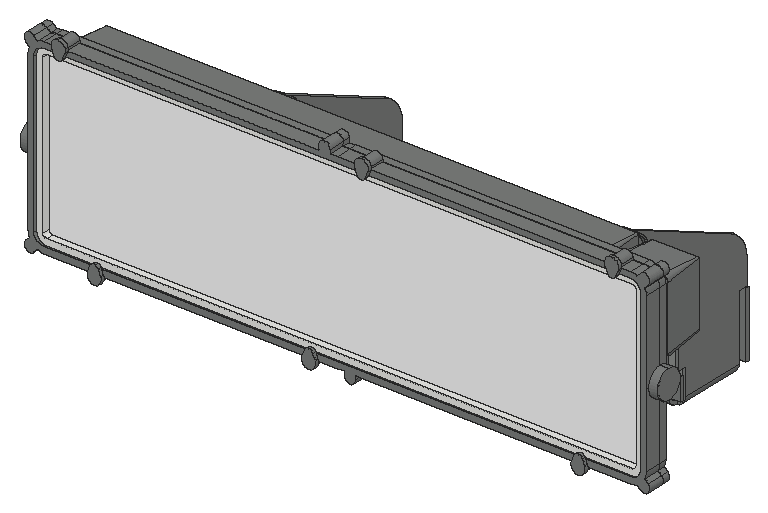
Revit family "Zumtobel ALTIS GEN5 1 Module", category Lighting Fixtures, host Face, Revit 2023 (continued)
Definition of nested family "Thorn-Parts-ALTIS GEN 5-Housing 1 Module-Brick-Tilt"
  Definition of nested family "Thorn-Parts-ALTIS GEN 5-Housing 1 Module-Brick"
    Forms (mm)
      Extrusion 62, solid, visible <- "Visibility RGBW Module"
        sketch origin (0, -2.15, 0) x (1, 0, 0) y (0, 1, 0)
          loop
            line (-314.5, 90) -> (-314.5, -77)
            arc (-314.5, -77) -> (-313.328, -79.828) -> (-310.5, -81) r 4
            line (-310.5, -81) -> (257.5, -81)
            arc (257.5, -81) -> (260.328, -79.828) -> (261.5, -77) r 4
            line (261.5, -77) -> (261.5, 90)
            arc (261.5, 90) -> (260.328, 92.828) -> (257.5, 94) r 4
            line (257.5, 94) -> (-310.5, 94)
            arc (-310.5, 94) -> (-313.328, 92.828) -> (-314.5, 90) r 4
        from 0 to 6
    Cuts and joins
      joined: Extrusion 2, Blend 4, Extrusion 19, Extrusion 20, Extrusion 21, Extrusion 22
      joined: Extrusion 7, Extrusion 8
      joined: Extrusion 23, Extrusion 24
      joined: Extrusion 27, Extrusion 30
      joined: Extrusion 25, Extrusion 26
      joined: Extrusion 28, Extrusion 29
    Dimensions and locks
      locked: plane 4 to plane 5 at 675
      equal spacing: plane 4, plane 3 "Center (Left/Right)", plane 5
      equal spacing: plane 7, plane 3 "Center (Left/Right)", plane 6
      "D": plane 6 to plane 7
      locked: plane 10 to plane 8 at 144.6
      locked: plane 10 to level at 20
      plane 10 to plane 9 = 138.2 mm
      locked: plane 1 "Center (Front/Back)" to plane 11 at 86.6
      Extrusion 45 sketch curve to plane 1 "Center (Front/Back)" = 73.5 mm
      plane 1 "Center (Front/Back)" to Extrusion 45 sketch curve = 72 mm
      aligned and locked: level to plane 2
    Automatic sketch dimensions
      Extrusion 1 sketch curve to Extrusion 1 sketch curve = 0 mm  (x22)
      plane 1 "Center (Front/Back)" to Extrusion 1 sketch curve = 0 mm  (x2)
      Extrusion 1 sketch curve to plane 3 "Center (Left/Right)" = 0 mm  (x2)
      Extrusion 1 sketch curve to plane 3 "Center (Left/Right)" = 7.5 mm
      Extrusion 1 sketch curve to Extrusion 1 sketch curve = 6 mm  (x2)
      Extrusion 1 sketch curve to plane 4 = 27 mm  (x2)
      plane 11 to Extrusion 1 sketch curve = 3.55 mm
      Extrusion 1 sketch curve to Extrusion 1 sketch curve = 7.005 mm  (x4)
      plane 11 to Extrusion 1 sketch curve = 8.04 mm  (x2)
      Extrusion 1 sketch curve to Extrusion 1 sketch curve = 3.602 mm  (x14)
      Extrusion 1 sketch curve to plane 11 = 7.45 mm  (x2)
      Extrusion 1 sketch curve to Extrusion 1 sketch curve = 4.243 mm  (x6)
      Extrusion 1 sketch curve to plane 11 = 0.445 mm  (x2)
      Extrusion 1 sketch curve to Extrusion 1 sketch curve = 0.641 mm  (x2)
      Extrusion 1 sketch curve to Extrusion 1 sketch curve = 1.51 mm  (x2)
      plane 11 to Extrusion 1 sketch curve = 3.157 mm  (x2)
      plane 3 "Center (Left/Right)" to Extrusion 1 sketch curve = 7.5 mm
      Extrusion 1 sketch curve to plane 5 = 27 mm
      Extrusion 1 sketch curve to Extrusion 1 sketch curve = 11 mm
      Extrusion 1 sketch curve to Extrusion 1 sketch curve = 4 mm  (x2)
      Extrusion 2 sketch curve to Extrusion 2 sketch curve = 0 mm  (x10)
      plane 1 "Center (Front/Back)" to Extrusion 2 sketch curve = 0 mm  (x2)
      Extrusion 2 sketch curve to plane 3 "Center (Left/Right)" = 0 mm  (x2)
      Extrusion 2 sketch curve to plane 3 "Center (Left/Right)" = 7.5 mm
      Extrusion 2 sketch curve to Extrusion 2 sketch curve = 6 mm  (x2)
      Extrusion 2 sketch curve to plane 11 = 7.45 mm  (x2)
      Extrusion 2 sketch curve to plane 4 = 27 mm  (x2)
      plane 11 to Extrusion 2 sketch curve = 8.04 mm  (x2)
      Extrusion 2 sketch curve to Extrusion 2 sketch curve = 7.005 mm  (x4)
      Extrusion 2 sketch curve to Extrusion 2 sketch curve = 3.602 mm  (x14)
      Extrusion 2 sketch curve to Extrusion 2 sketch curve = 4.243 mm  (x6)
      Extrusion 2 sketch curve to plane 11 = 0.445 mm  (x2)
      Extrusion 2 sketch curve to Extrusion 2 sketch curve = 0.641 mm  (x3)
      Extrusion 2 sketch curve to Extrusion 2 sketch curve = 1.51 mm
      plane 11 to Extrusion 2 sketch curve = 3.157 mm  (x2)
      plane 3 "Center (Left/Right)" to Extrusion 2 sketch curve = 7.5 mm
      Extrusion 2 sketch curve to plane 5 = 27 mm  (x2)
      Extrusion 2 sketch curve to Extrusion 2 sketch curve = 4 mm  (x2)
      Blend 4 sketch curve to plane 11 = 12.45 mm  (x2)
      Blend 4 sketch curve to plane 4 = 21 mm
      Blend 4 sketch curve to Blend 4 sketch curve = 6 mm  (x3)
      plane 7 to Blend 4 sketch curve = 68.5 mm  (x4)
      Blend 4 sketch curve to plane 4 = 26 mm
      Blend 4 sketch curve to Blend 4 sketch curve = 1 mm  (x3)
      Blend 5 sketch curve to plane 5 = 76 mm
      Blend 5 sketch curve to Blend 5 sketch curve = 6 mm  (x3)
      Blend 5 sketch curve to plane 5 = 22 mm  (x4)
      Blend 5 sketch curve to plane 5 = 71 mm
      Blend 5 sketch curve to Blend 5 sketch curve = 1 mm  (x3)
      Extrusion 6 sketch curve to plane 5 = 76 mm
      Extrusion 6 sketch curve to Extrusion 6 sketch curve = 6 mm  (x3)
      Extrusion 6 sketch curve to plane 5 = 22 mm  (x2)
      Extrusion 7 sketch curve to plane 4 = 37.495 mm
      Extrusion 7 sketch curve to Extrusion 7 sketch curve = 2.359 mm  (x2)
      Extrusion 7 sketch curve to Extrusion 7 sketch curve = 4.646 mm  (x2)
      Extrusion 7 sketch curve to Extrusion 7 sketch curve = 0 mm
      Extrusion 7 sketch curve to Extrusion 7 sketch curve = 1.847 mm
      Extrusion 7 sketch curve to Extrusion 7 sketch curve = 6.168 mm
      Extrusion 7 sketch curve to Extrusion 7 sketch curve = 7 mm
      Extrusion 8 sketch curve to plane 4 = 38.5 mm
      Extrusion 8 sketch curve to Extrusion 8 sketch curve = 6 mm
      Extrusion 8 sketch curve to Extrusion 8 sketch curve = 1.5 mm
      Extrusion 8 sketch curve to Extrusion 8 sketch curve = 0 mm
      Extrusion 9 sketch curve to plane 5 = 37.495 mm
      Extrusion 9 sketch curve to Extrusion 9 sketch curve = 2.359 mm  (x2)
      Extrusion 9 sketch curve to Extrusion 9 sketch curve = 4.646 mm  (x2)
      Extrusion 9 sketch curve to Extrusion 9 sketch curve = 0 mm
      Extrusion 9 sketch curve to Extrusion 9 sketch curve = 2.679 mm
      Extrusion 9 sketch curve to Extrusion 9 sketch curve = 7 mm
      Extrusion 9 sketch curve to Extrusion 9 sketch curve = 1.847 mm
      Extrusion 10 sketch curve to plane 5 = 38.5 mm
      Extrusion 10 sketch curve to Extrusion 10 sketch curve = 6 mm
      Extrusion 10 sketch curve to Extrusion 10 sketch curve = 1.5 mm
      Extrusion 10 sketch curve to Extrusion 10 sketch curve = 0 mm
      plane 11 to Extrusion 11 sketch curve = 8.371 mm  (x2)
      Extrusion 11 sketch curve to plane 4 = 75.495 mm
      plane 11 to Extrusion 11 sketch curve = 2.203 mm  (x2)
      Extrusion 11 sketch curve to Extrusion 11 sketch curve = 2.359 mm
      Extrusion 11 sketch curve to Extrusion 11 sketch curve = 4.646 mm
      Extrusion 11 sketch curve to Extrusion 11 sketch curve = 0 mm
      Extrusion 11 sketch curve to Extrusion 11 sketch curve = 2.679 mm
      plane 11 to Extrusion 11 sketch curve = 4.05 mm
      plane 11 to Extrusion 12 sketch curve = 9.55 mm
      Extrusion 12 sketch curve to plane 4 = 76.5 mm
      Extrusion 12 sketch curve to Extrusion 12 sketch curve = 6 mm
      Extrusion 12 sketch curve to Extrusion 12 sketch curve = 1.5 mm
      Extrusion 12 sketch curve to Extrusion 12 sketch curve = 0 mm
      plane 11 to Extrusion 13 sketch curve = 8.371 mm  (x2)
      Extrusion 13 sketch curve to plane 5 = 72.995 mm
      plane 11 to Extrusion 13 sketch curve = 2.203 mm  (x2)
      Extrusion 13 sketch curve to Extrusion 13 sketch curve = 2.359 mm
      Extrusion 13 sketch curve to Extrusion 13 sketch curve = 4.646 mm
      Extrusion 13 sketch curve to Extrusion 13 sketch curve = 0 mm
      plane 11 to Extrusion 13 sketch curve = 4.05 mm
      Extrusion 13 sketch curve to Extrusion 13 sketch curve = 7 mm
      plane 11 to Extrusion 14 sketch curve = 9.55 mm
      Extrusion 14 sketch curve to plane 5 = 74 mm
      Extrusion 14 sketch curve to Extrusion 14 sketch curve = 6 mm
      Extrusion 14 sketch curve to Extrusion 14 sketch curve = 1.5 mm
      Extrusion 14 sketch curve to Extrusion 14 sketch curve = 0 mm
      plane 11 to Extrusion 15 sketch curve = 8.371 mm  (x2)
      Extrusion 15 sketch curve to plane 3 "Center (Left/Right)" = 35.005 mm
      plane 11 to Extrusion 15 sketch curve = 2.203 mm  (x2)
      Extrusion 15 sketch curve to Extrusion 15 sketch curve = 2.359 mm
      Extrusion 15 sketch curve to Extrusion 15 sketch curve = 4.646 mm
      Extrusion 15 sketch curve to Extrusion 15 sketch curve = 0 mm
      Extrusion 15 sketch curve to Extrusion 15 sketch curve = 2.679 mm
      plane 11 to Extrusion 15 sketch curve = 4.05 mm
      plane 11 to Extrusion 16 sketch curve = 9.55 mm
      Extrusion 16 sketch curve to plane 3 "Center (Left/Right)" = 34 mm
      Extrusion 16 sketch curve to Extrusion 16 sketch curve = 6 mm
      Extrusion 16 sketch curve to Extrusion 16 sketch curve = 1.5 mm
      Extrusion 16 sketch curve to Extrusion 16 sketch curve = 0 mm
      plane 3 "Center (Left/Right)" to Extrusion 17 sketch curve = 35.005 mm
      Extrusion 17 sketch curve to Extrusion 17 sketch curve = 2.359 mm  (x2)
      Extrusion 17 sketch curve to Extrusion 17 sketch curve = 4.646 mm  (x2)
      Extrusion 17 sketch curve to Extrusion 17 sketch curve = 0 mm
      Extrusion 17 sketch curve to Extrusion 17 sketch curve = 2.679 mm
      Extrusion 17 sketch curve to Extrusion 17 sketch curve = 7 mm
      Extrusion 17 sketch curve to Extrusion 17 sketch curve = 1.847 mm
      plane 3 "Center (Left/Right)" to Extrusion 18 sketch curve = 34 mm
      Extrusion 18 sketch curve to Extrusion 18 sketch curve = 6 mm
      Extrusion 18 sketch curve to Extrusion 18 sketch curve = 1.5 mm
      Extrusion 18 sketch curve to Extrusion 18 sketch curve = 0 mm
      Extrusion 19 sketch curve to level = 0 mm
      Extrusion 19 sketch curve to plane 1 "Center (Front/Back)" = 0 mm
      Extrusion 20 sketch curve to level = 0 mm
      Extrusion 20 sketch curve to plane 1 "Center (Front/Back)" = 0 mm
      Extrusion 21 sketch curve to level = 0 mm
      Extrusion 21 sketch curve to plane 1 "Center (Front/Back)" = 0 mm
      Extrusion 21 sketch curve to level = 8 mm
      Extrusion 22 sketch curve to level = 0 mm
      Extrusion 22 sketch curve to plane 1 "Center (Front/Back)" = 0 mm
      Extrusion 22 sketch curve to level = 8 mm
      Extrusion 23 sketch curve to plane 1 "Center (Front/Back)" = 0 mm
      Extrusion 23 sketch curve to plane 8 = 0 mm
      Extrusion 24 sketch curve to Extrusion 24 sketch curve = 0 mm  (x2)
      Extrusion 24 sketch curve to plane 1 "Center (Front/Back)" = 0 mm
      Extrusion 24 sketch curve to plane 8 = 0 mm
      Extrusion 25 sketch curve to Extrusion 25 sketch curve = 0 mm
      Extrusion 25 sketch curve to plane 12 = 0 mm
      Extrusion 25 sketch curve to plane 8 = 0 mm
      Extrusion 25 sketch curve to plane 1 "Center (Front/Back)" = 0 mm
      Extrusion 27 sketch curve to plane 6 = 1 mm
      plane 1 "Center (Front/Back)" to Extrusion 27 sketch curve = 0 mm
      plane 6 to Extrusion 27 sketch curve = 15 mm
      Extrusion 27 sketch curve to Extrusion 27 sketch curve = 2.686 mm  (x2)
      Extrusion 27 sketch curve to plane 4 = 44.314 mm  (x2)
      Extrusion 27 sketch curve to Extrusion 27 sketch curve = 0.314 mm  (x4)
      Extrusion 27 sketch curve to Extrusion 27 sketch curve = 3 mm  (x3)
      Extrusion 27 sketch curve to Extrusion 27 sketch curve = 15 mm  (x2)
      Extrusion 27 sketch curve to plane 4 = 26 mm
      Extrusion 27 sketch curve to Extrusion 27 sketch curve = 18.808 mm  (x2)
      Extrusion 28 sketch curve to plane 1 "Center (Front/Back)" = 0 mm
      Extrusion 28 sketch curve to plane 8 = 0 mm
      Extrusion 29 sketch curve to Extrusion 29 sketch curve = 0 mm  (x2)
      Extrusion 29 sketch curve to plane 1 "Center (Front/Back)" = 0 mm
      Extrusion 29 sketch curve to plane 8 = 0 mm
      Extrusion 30 sketch curve to Extrusion 30 sketch curve = 0 mm
      Extrusion 30 sketch curve to plane 12 = 0 mm
      Extrusion 30 sketch curve to plane 8 = 0 mm
      Extrusion 30 sketch curve to plane 1 "Center (Front/Back)" = 0 mm
      Extrusion 31 sketch curve to plane 1 "Center (Front/Back)" = 0 mm
      Extrusion 31 sketch curve to plane 8 = 0 mm
      Extrusion 32 sketch curve to plane 1 "Center (Front/Back)" = 0 mm
      Extrusion 32 sketch curve to plane 8 = 0 mm
      Extrusion 33 sketch curve to plane 1 "Center (Front/Back)" = 0 mm
      Extrusion 33 sketch curve to plane 8 = 0 mm
      Extrusion 34 sketch curve to plane 1 "Center (Front/Back)" = 0 mm
      Extrusion 34 sketch curve to plane 8 = 0 mm
      Extrusion 35 sketch curve to Extrusion 35 sketch curve = 0 mm  (x8)
      Extrusion 35 sketch curve to plane 8 = 0 mm  (x2)
      Extrusion 35 sketch curve to plane 1 "Center (Front/Back)" = 0 mm
      plane 8 to Extrusion 35 sketch curve = 3 mm
      plane 1 "Center (Front/Back)" to Extrusion 35 sketch curve = 0.77 mm  (x2)
      plane 9 to Extrusion 35 sketch curve = 2.065 mm
      Extrusion 35 sketch curve to Extrusion 35 sketch curve = 3.15 mm  (x2)
      plane 9 to Extrusion 35 sketch curve = 6.797 mm
      Extrusion 35 sketch curve to Extrusion 35 sketch curve = 5.599 mm  (x2)
      Extrusion 35 sketch curve to plane 8 = 3 mm
      Extrusion 35 sketch curve to plane 1 "Center (Front/Back)" = 3.015 mm
      Extrusion 35 sketch curve to plane 8 = 13.197 mm
      Extrusion 35 sketch curve to Extrusion 35 sketch curve = 5.652 mm
      Extrusion 36 sketch curve to plane 9 = 0 mm
      Extrusion 36 sketch curve to plane 11 = 0 mm
      Extrusion 37 sketch curve to Extrusion 37 sketch curve = 0 mm  (x2)
      Extrusion 37 sketch curve to plane 11 = 0 mm
      Extrusion 37 sketch curve to plane 9 = 0 mm
      Extrusion 38 sketch curve to plane 9 = 0 mm
      Extrusion 38 sketch curve to plane 11 = 0 mm
      Extrusion 39 sketch curve to Extrusion 39 sketch curve = 0 mm  (x2)
      Extrusion 39 sketch curve to plane 11 = 0 mm
      Extrusion 39 sketch curve to plane 9 = 0 mm
      Extrusion 40 sketch curve to plane 9 = 0 mm
      Extrusion 40 sketch curve to plane 11 = 0 mm
      Extrusion 41 sketch curve to plane 9 = 0 mm
      Extrusion 41 sketch curve to plane 11 = 0 mm
      Extrusion 42 sketch curve to plane 9 = 0 mm
      Extrusion 42 sketch curve to plane 11 = 0 mm
      Extrusion 43 sketch curve to plane 9 = 0 mm
      Extrusion 43 sketch curve to plane 11 = 0 mm
      Extrusion 44 sketch curve to Extrusion 44 sketch curve = 0 mm  (x14)
      Extrusion 44 sketch curve to plane 9 = 0 mm  (x2)
      Extrusion 44 sketch curve to plane 11 = 0 mm
      plane 9 to Extrusion 44 sketch curve = 3 mm
      plane 11 to Extrusion 44 sketch curve = 0.77 mm  (x2)
      plane 9 to Extrusion 44 sketch curve = 8.465 mm
      Extrusion 44 sketch curve to plane 11 = 3.015 mm
      Extrusion 44 sketch curve to Extrusion 44 sketch curve = 3.15 mm  (x2)
      plane 9 to Extrusion 44 sketch curve = 13.197 mm
      Extrusion 44 sketch curve to Extrusion 44 sketch curve = 5.599 mm  (x2)
      Extrusion 44 sketch curve to plane 9 = 3 mm
      Extrusion 44 sketch curve to plane 8 = 6.797 mm
      Extrusion 44 sketch curve to Extrusion 44 sketch curve = 7.143 mm
      Extrusion 44 sketch curve to Extrusion 44 sketch curve = 18.23 mm
      Extrusion 44 sketch curve to Extrusion 44 sketch curve = 5.652 mm
      Extrusion 45 sketch curve to plane 12 = 0 mm  (x2)
      Extrusion 45 sketch curve to plane 11 = 0 mm
      Extrusion 45 sketch curve to plane 9 = 0 mm
      plane 9 to Extrusion 45 sketch curve = 0.397 mm
      plane 9 to Extrusion 45 sketch curve = 0.225 mm
      Extrusion 45 sketch curve to plane 8 = 4.6 mm
      Extrusion 45 sketch curve to plane 8 = 16.586 mm
      Extrusion 45 sketch curve to Extrusion 45 sketch curve = 12.014 mm
      Extrusion 45 sketch curve to Extrusion 45 sketch curve = 28 mm
      Extrusion 45 sketch curve to Extrusion 45 sketch curve = 11.397 mm
      Extrusion 45 sketch curve to Extrusion 45 sketch curve = 11.225 mm
      plane 1 "Center (Front/Back)" to Extrusion 46 sketch curve = 0 mm  (x2)
      Extrusion 46 sketch curve to plane 7 = 1 mm  (x2)
      Extrusion 46 sketch curve to plane 6 = 1 mm  (x2)
      Extrusion 46 sketch curve to Extrusion 46 sketch curve = 16 mm  (x2)
      plane 7 to Extrusion 46 sketch curve = 25 mm
      Extrusion 46 sketch curve to Extrusion 46 sketch curve = 4.243 mm  (x12)
      Extrusion 46 sketch curve to Extrusion 46 sketch curve = 11.015 mm  (x2)
      Extrusion 46 sketch curve to Extrusion 46 sketch curve = 7.509 mm  (x2)
      Extrusion 46 sketch curve to Extrusion 46 sketch curve = 16.077 mm  (x2)
      Extrusion 46 sketch curve to Extrusion 46 sketch curve = 5.657 mm  (x6)
      plane 6 to Extrusion 46 sketch curve = 15 mm  (x2)
      plane 6 to Extrusion 46 sketch curve = 25 mm
      Extrusion 46 sketch curve to Extrusion 46 sketch curve = 18.523 mm  (x2)
      Extrusion 46 sketch curve to plane 4 = 55.243 mm
      Extrusion 46 sketch curve to Extrusion 46 sketch curve = 0 mm  (x2)
      Extrusion 46 sketch curve to plane 4 = 31.657 mm  (x2)
      Extrusion 46 sketch curve to Extrusion 46 sketch curve = 22.943 mm
      Extrusion 46 sketch curve to plane 11 = 14.6 mm  (x2)
      Extrusion 47 sketch curve to plane 12 = 0 mm  (x2)
      Extrusion 47 sketch curve to plane 11 = 0 mm
      Extrusion 47 sketch curve to plane 9 = 0 mm
      plane 9 to Extrusion 47 sketch curve = 0.397 mm
      plane 9 to Extrusion 47 sketch curve = 0.225 mm
      Extrusion 47 sketch curve to plane 8 = 4.6 mm
      Extrusion 47 sketch curve to plane 8 = 16.586 mm
      Extrusion 47 sketch curve to plane 11 = 10.6 mm
      Extrusion 47 sketch curve to Extrusion 47 sketch curve = 28 mm
      Extrusion 47 sketch curve to Extrusion 47 sketch curve = 11.225 mm
      Extrusion 47 sketch curve to Extrusion 47 sketch curve = 11.397 mm
      Extrusion 47 sketch curve to Extrusion 47 sketch curve = 27.383 mm
      Extrusion 47 sketch curve to Extrusion 47 sketch curve = 12.014 mm
      Extrusion 48 sketch curve to plane 7 = 49.5 mm
      Extrusion 48 sketch curve to plane 6 = 49.5 mm
      Extrusion 49 sketch curve to plane 7 = 42.5 mm
      Extrusion 49 sketch curve to Extrusion 49 sketch curve = 7 mm  (x2)
      Extrusion 49 sketch curve to plane 6 = 49.5 mm
      Extrusion 50 sketch curve to plane 14 = 0 mm  (x2)
      Extrusion 50 sketch curve to plane 1 "Center (Front/Back)" = 6.912 mm
      Extrusion 50 sketch curve to plane 14 = 15.588 mm
      Extrusion 50 sketch curve to plane 12 = 5.5 mm
      plane 13 to Extrusion 50 sketch curve = 9 mm  (x2)
      plane 9 to Extrusion 50 sketch curve = 10.7 mm
      Extrusion 51 sketch curve to plane 15 = 0 mm  (x2)
      Extrusion 51 sketch curve to plane 16 = 0 mm
      plane 16 to Extrusion 51 sketch curve = 0.25 mm  (x2)
      plane 16 to Extrusion 51 sketch curve = 2.25 mm  (x2)
      Extrusion 51 sketch curve to Extrusion 51 sketch curve = 4.5 mm
      Extrusion 51 sketch curve to Extrusion 51 sketch curve = 2 mm  (x2)
      plane 15 to Extrusion 51 sketch curve = 3.897 mm
      Extrusion 51 sketch curve to Extrusion 51 sketch curve = 1.654 mm
      plane 1 "Center (Front/Back)" to Extrusion 52 sketch curve = 2.01 mm
      Extrusion 52 sketch curve to plane 12 = 9.8 mm
      plane 9 to Extrusion 52 sketch curve = 12.4 mm
      Extrusion 53 sketch curve to Extrusion 53 sketch curve = 0 mm  (x3)
      Extrusion 54 sketch curve to Extrusion 54 sketch curve = 0 mm  (x8)
      Extrusion 54 sketch curve to Extrusion 54 sketch curve = 2 mm
      Extrusion 55 sketch curve to plane 1 "Center (Front/Back)" = 4.041 mm
      Extrusion 56 sketch curve to Extrusion 56 sketch curve = 0 mm  (x3)
      Extrusion 56 sketch curve to Extrusion 56 sketch curve = 1 mm
      Extrusion 56 sketch curve to Extrusion 56 sketch curve = 0.289 mm
      Extrusion 57 sketch curve to Extrusion 57 sketch curve = 0 mm  (x3)
      plane 9 to Extrusion 58 sketch curve = 6.2 mm  (x6)
      plane 9 to Extrusion 58 sketch curve = 0.2 mm  (x12)
      Extrusion 58 sketch curve to Extrusion 58 sketch curve = 0.21 mm  (x2)
      Extrusion 58 sketch curve to Extrusion 58 sketch curve = 1.582 mm  (x12)
      Extrusion 58 sketch curve to Extrusion 58 sketch curve = 2.001 mm  (x12)
      Extrusion 58 sketch curve to Extrusion 58 sketch curve = 2.999 mm  (x10)
      Extrusion 58 sketch curve to Extrusion 58 sketch curve = 3.418 mm  (x10)
      Extrusion 58 sketch curve to Extrusion 58 sketch curve = 6 mm
      Extrusion 58 sketch curve to Extrusion 58 sketch curve = 0 mm  (x5)
      Extrusion 46 sketch curve to plane 7 = 42.5 mm
      Extrusion 46 sketch curve to plane 6 = 42.5 mm  (x2)
      Extrusion 46 sketch curve to plane 1 "Center (Front/Back)" = 30.557 mm  (x2)
      plane 3 "Center (Left/Right)" to Extrusion 46 sketch curve = 139.5 mm
      Extrusion 46 sketch curve to Extrusion 46 sketch curve = 23.5 mm
      plane 1 "Center (Front/Back)" to Extrusion 6 sketch curve = 15.15 mm
      plane 1 "Center (Front/Back)" to Extrusion 27 sketch curve = 13.765 mm
      plane 1 "Center (Front/Back)" to Extrusion 27 sketch curve = 23.592 mm
      Extrusion 27 sketch curve to Extrusion 27 sketch curve = 18.251 mm  (x2)
      Extrusion 35 sketch curve to Extrusion 35 sketch curve = 18.23 mm
      plane 1 "Center (Front/Back)" to Extrusion 45 sketch curve = 32.775 mm
      plane 1 "Center (Front/Back)" to Extrusion 46 sketch curve = 19.814 mm  (x3)
      plane 1 "Center (Front/Back)" to Extrusion 46 sketch curve = 29.057 mm
      Extrusion 46 sketch curve to Extrusion 46 sketch curve = 9.243 mm
      Extrusion 46 sketch curve to Extrusion 46 sketch curve = 23.586 mm  (x2)
      Extrusion 46 sketch curve to Extrusion 46 sketch curve = 20.943 mm
      Extrusion 48 sketch curve to plane 11 = 36.6 mm
      Extrusion 49 sketch curve to plane 11 = 36.6 mm  (x2)
      Extrusion 52 sketch curve to Extrusion 52 sketch curve = 12.99 mm  (x3)
      plane 1 "Center (Front/Back)" to Extrusion 53 sketch curve = 15 mm
      plane 1 "Center (Front/Back)" to Extrusion 54 sketch curve = 15 mm
      Extrusion 54 sketch curve to Extrusion 54 sketch curve = 10 mm
      plane 1 "Center (Front/Back)" to Extrusion 58 sketch curve = 18.3 mm
      Extrusion 1 sketch curve to plane 1 "Center (Front/Back)" = 87.85 mm
      Extrusion 2 sketch curve to plane 1 "Center (Front/Back)" = 87.85 mm  (x2)
      Blend 4 sketch curve to plane 1 "Center (Front/Back)" = 82.85 mm  (x2)
      Blend 5 sketch curve to plane 1 "Center (Front/Back)" = 8.85 mm
      Blend 5 sketch curve to Blend 5 sketch curve = 68 mm  (x2)
      Blend 5 sketch curve to plane 1 "Center (Front/Back)" = 13.85 mm
      Extrusion 6 sketch curve to plane 1 "Center (Front/Back)" = 82.85 mm
      Extrusion 7 sketch curve to plane 1 "Center (Front/Back)" = 97.503 mm
      Extrusion 8 sketch curve to plane 1 "Center (Front/Back)" = 104.85 mm
      Extrusion 9 sketch curve to plane 1 "Center (Front/Back)" = 106.35 mm
      Extrusion 10 sketch curve to plane 1 "Center (Front/Back)" = 106.35 mm
      Extrusion 17 sketch curve to plane 1 "Center (Front/Back)" = 106.35 mm
      Extrusion 18 sketch curve to plane 1 "Center (Front/Back)" = 106.35 mm
      Extrusion 21 sketch curve to plane 1 "Center (Front/Back)" = 12.689 mm
      Extrusion 22 sketch curve to plane 1 "Center (Front/Back)" = 12.689 mm
      plane 1 "Center (Front/Back)" to Extrusion 25 sketch curve = 35 mm
      Extrusion 27 sketch curve to plane 1 "Center (Front/Back)" = 13.765 mm
      Extrusion 27 sketch curve to plane 1 "Center (Front/Back)" = 23.592 mm
      Extrusion 30 sketch curve to plane 1 "Center (Front/Back)" = 35 mm
      Extrusion 35 sketch curve to Extrusion 35 sketch curve = 7.143 mm
      Extrusion 46 sketch curve to plane 1 "Center (Front/Back)" = 44.9 mm  (x2)
      Extrusion 46 sketch curve to Extrusion 46 sketch curve = 19.443 mm
      Extrusion 46 sketch curve to plane 1 "Center (Front/Back)" = 25.557 mm  (x2)
      Extrusion 47 sketch curve to plane 1 "Center (Front/Back)" = 34.103 mm
      Extrusion 48 sketch curve to plane 1 "Center (Front/Back)" = 50 mm
      Extrusion 49 sketch curve to plane 1 "Center (Front/Back)" = 50 mm  (x2)
      Extrusion 51 sketch curve to Extrusion 51 sketch curve = 4 mm
      Extrusion 51 sketch curve to Extrusion 51 sketch curve = 4.95 mm
      Extrusion 55 sketch curve to plane 1 "Center (Front/Back)" = 9.521 mm  (x2)
      Extrusion 55 sketch curve to Extrusion 55 sketch curve = 10.959 mm  (x2)
      Extrusion 55 sketch curve to Extrusion 55 sketch curve = 5.479 mm
      Extrusion 56 sketch curve to plane 1 "Center (Front/Back)" = 15 mm
      Extrusion 56 sketch curve to Extrusion 56 sketch curve = 5 mm
      Extrusion 57 sketch curve to plane 1 "Center (Front/Back)" = 15 mm
      Extrusion 57 sketch curve to Extrusion 57 sketch curve = 6 mm
      Extrusion 58 sketch curve to plane 1 "Center (Front/Back)" = 18.3 mm
      plane 12 to Extrusion 24 sketch curve = 25.6 mm
      Extrusion 29 sketch curve to plane 12 = 25.6 mm
      plane 12 to Extrusion 37 sketch curve = 19.2 mm
      Extrusion 39 sketch curve to plane 12 = 19.2 mm
      Extrusion 45 sketch curve to Extrusion 45 sketch curve = 13.2 mm
      Extrusion 45 sketch curve to Extrusion 45 sketch curve = 4 mm
      Extrusion 47 sketch curve to Extrusion 47 sketch curve = 13.2 mm
      Extrusion 47 sketch curve to Extrusion 47 sketch curve = 4 mm
      Extrusion 50 sketch curve to plane 13 = 9 mm  (x2)
      plane 15 to Extrusion 51 sketch curve = 3.464 mm
      Extrusion 51 sketch curve to plane 15 = 3.897 mm
      Extrusion 52 sketch curve to Extrusion 52 sketch curve = 7.5 mm  (x3)
      Extrusion 52 sketch curve to Extrusion 52 sketch curve = 15 mm
      Extrusion 53 sketch curve to plane 12 = 24.8 mm
      Extrusion 54 sketch curve to plane 12 = 24.8 mm
      Extrusion 55 sketch curve to plane 12 = 15.31 mm
      Extrusion 55 sketch curve to Extrusion 55 sketch curve = 9.49 mm  (x3)
      Extrusion 56 sketch curve to plane 12 = 21.194 mm
      Extrusion 56 sketch curve to Extrusion 56 sketch curve = 3.317 mm
      Extrusion 57 sketch curve to plane 12 = 21.194 mm
      Extrusion 57 sketch curve to Extrusion 57 sketch curve = 3.606 mm
      plane 1 "Center (Front/Back)" to Extrusion 26 sketch curve = 0 mm
      Extrusion 26 sketch curve to plane 7 = 1 mm
      plane 7 to Extrusion 26 sketch curve = 15 mm
      Extrusion 26 sketch curve to Extrusion 26 sketch curve = 2.686 mm  (x2)
      Extrusion 26 sketch curve to Extrusion 26 sketch curve = 3 mm  (x2)
      Extrusion 26 sketch curve to Extrusion 26 sketch curve = 0.314 mm  (x3)
      plane 1 "Center (Front/Back)" to Extrusion 26 sketch curve = 20.27 mm
      Extrusion 26 sketch curve to Extrusion 26 sketch curve = 33.5 mm  (x2)
      Extrusion 26 sketch curve to Extrusion 26 sketch curve = 13.895 mm  (x2)
      Extrusion 26 sketch curve to Extrusion 26 sketch curve = 0.418 mm  (x2)
      Extrusion 26 sketch curve to Extrusion 26 sketch curve = 4 mm
      Extrusion 26 sketch curve to Extrusion 26 sketch curve = 17.698 mm  (x2)
      plane 1 "Center (Front/Back)" to Extrusion 26 sketch curve = 35 mm
      plane 1 "Center (Front/Back)" to Extrusion 26 sketch curve = 16.749 mm
      Extrusion 26 sketch curve to plane 1 "Center (Front/Back)" = 13.765 mm
      Extrusion 26 sketch curve to plane 1 "Center (Front/Back)" = 17.286 mm
      Extrusion 26 sketch curve to Extrusion 26 sketch curve = 18.251 mm
      Extrusion 59 sketch curve to plane 11 = 7.45 mm
      Extrusion 59 sketch curve to plane 4 = 16 mm
      Extrusion 59 sketch curve to Extrusion 59 sketch curve = 11 mm  (x3)
      Extrusion 59 sketch curve to plane 5 = 27 mm  (x2)
      Extrusion 59 sketch curve to plane 1 "Center (Front/Back)" = 87.85 mm
      Extrusion 60 sketch curve to Extrusion 60 sketch curve = 0 mm  (x7)
      Extrusion 60 sketch curve to plane 4 = 16 mm
      Extrusion 60 sketch curve to Extrusion 60 sketch curve = 7 mm
      Extrusion 60 sketch curve to Extrusion 60 sketch curve = 4 mm  (x3)
      Extrusion 60 sketch curve to plane 5 = 27 mm  (x2)
      plane 11 to Extrusion 60 sketch curve = 3.55 mm
      Extrusion 60 sketch curve to plane 1 "Center (Front/Back)" = 87.85 mm
      Extrusion 3 sketch curve to plane 4 = 27 mm
      Extrusion 3 sketch curve to plane 1 "Center (Front/Back)" = 87.85 mm
      Extrusion 3 sketch curve to Extrusion 3 sketch curve = 4 mm  (x4)
      Extrusion 3 sketch curve to plane 11 = 7.45 mm
      Extrusion 3 sketch curve to plane 5 = 27 mm
      Extrusion 61 sketch curve to Extrusion 61 sketch curve = 0 mm  (x4)
      Extrusion 61 sketch curve to plane 4 = 16 mm
      Extrusion 61 sketch curve to Extrusion 61 sketch curve = 7 mm
      Extrusion 61 sketch curve to Extrusion 61 sketch curve = 4 mm  (x3)
      plane 7 to Extrusion 61 sketch curve = 75.5 mm  (x2)
      Extrusion 61 sketch curve to plane 11 = 7.45 mm
      Extrusion 61 sketch curve to plane 5 = 27 mm  (x2)
      Extrusion 61 sketch curve to Extrusion 61 sketch curve = 11 mm
      Extrusion 61 sketch curve to plane 1 "Center (Front/Back)" = 87.85 mm
      Extrusion 62 sketch curve to plane 11 = 7.45 mm
      Extrusion 62 sketch curve to plane 4 = 23 mm
      Extrusion 62 sketch curve to Extrusion 62 sketch curve = 4 mm  (x3)
      Extrusion 62 sketch curve to plane 5 = 80 mm  (x2)
      Extrusion 62 sketch curve to plane 1 "Center (Front/Back)" = 87.85 mm
      radius of Extrusion 19 sketch curve = 15 mm
      radius of Extrusion 20 sketch curve = 15 mm
      radius of Extrusion 23 sketch curve = 35 mm
      radius of Extrusion 24 sketch curve = 35 mm
      radius of Extrusion 28 sketch curve = 35 mm
      radius of Extrusion 29 sketch curve = 35 mm
      radius of Extrusion 31 sketch curve = 19 mm
      radius of Extrusion 32 sketch curve = 8.5 mm
      radius of Extrusion 33 sketch curve = 19 mm
      radius of Extrusion 34 sketch curve = 8.5 mm
      radius of Extrusion 36 sketch curve = 35 mm
      radius of Extrusion 37 sketch curve = 35 mm
      radius of Extrusion 38 sketch curve = 35 mm
      radius of Extrusion 39 sketch curve = 35 mm
      radius of Extrusion 40 sketch curve = 19 mm
      radius of Extrusion 41 sketch curve = 8.5 mm
      radius of Extrusion 42 sketch curve = 19 mm
      radius of Extrusion 43 sketch curve = 8.5 mm
      radius of Extrusion 53 sketch curve = 10 mm
      radius of Extrusion 53 sketch curve = 8 mm
      radius of Extrusion 57 sketch curve = 8 mm
Definition of nested family "Thorn ALTIS GEN5 Accessories"
  Parameters (values of type "ALTIS G4G5 GB BRACKET 2B LB STIRRUP ANT")
    URL = "https://www.thornlighting.co.uk/en-gb/96671491"
    Type Image = element 88809
    Type IFC Predefined Type = "NOTDEFINED"
    Product ID Suffix [instance] = "01"
    Product ID [instance] = ""
    Power Supply Support = yes
    Model = "96671491"
    Material Accessories = none
    Manufacturer = "Thorn Lighting"  # constant formula
    Export Type to IFC As = "IfcLightFixtureType"
    Description = "Control gear accessories"
    Default Elevation = 0 mm  # constant formula
    Brackets = no
    Assembly Code = "Pr_60_70_28_12"
  Types (3, lengths in mm): name | URL | Type Image | Power Supply Support | Model | Brackets
    (no name) | "https://www.thornlighting.co.uk/en-gb/96671491" | element 88809 | yes | "96671491" | no
    ALTIS G4G5 GB BRACKET 3BRICK STIRRUP ANT | "https://www.thornlighting.co.uk/en-gb/96671490" | element 88807 | no | "96671490" | yes
    ALTIS G4G5 GB BRACKET 2B LB STIRRUP ANT | "https://www.thornlighting.co.uk/en-gb/96671491" | element 88809 | yes | "96671491" | no
  Reference planes
    plane 1 "Center (Front/Back)": y = 0
    plane 2: z = 0
    plane 3 "Center (Left/Right)": x = 0
    plane 4: x = 250
    plane 5: x = -250
  Forms (mm)
    Extrusion 1, solid, material <- "Material Accessories", visible <- "Power Supply Support"
      sketch origin (0, 0, 0) x (1, 0, 0) y (0, 0, 1)
        loop
          line (0, 0) -> (218, 0)
          arc (218, 0) -> (222.95, 2.05) -> (225, 7) r 7
          line (225, 7) -> (225, 50)
          arc (225, 50) -> (226.172, 52.828) -> (229, 54) r 4
          line (229, 54) -> (256, 54) -> (256, 57) -> (229, 57)
          arc (229, 57) -> (224.05, 54.95) -> (222, 50) r 7
          line (222, 50) -> (222, 7)
          arc (222, 7) -> (220.828, 4.172) -> (218, 3) r 4
          line (218, 3) -> (0, 3) -> (-218, 3)
          arc (-218, 3) -> (-220.828, 4.172) -> (-222, 7) r 4
          line (-222, 7) -> (-222, 50)
          arc (-222, 50) -> (-224.05, 54.95) -> (-229, 57) r 7
          line (-229, 57) -> (-256, 57) -> (-256, 54) -> (-229, 54)
          arc (-229, 54) -> (-226.172, 52.828) -> (-225, 50) r 4
          line (-225, 50) -> (-225, 7)
          arc (-225, 7) -> (-222.95, 2.05) -> (-218, 0) r 7
          line (-218, 0) -> (0, 0)
      from 0 to -150
    Extrusion 2, solid, material <- "Material Accessories", visible <- "Power Supply Support"
      sketch origin (0, 0, 0) x (1, 0, 0) y (0, 1, 0)
        loop
          line (0, 228) -> (-76, 228) -> (-82, 224.536) -> (-121.533, 156.062) -> (-132.033, 150) -> (0, 150) -> (132.033, 150) -> (121.533, 156.062) -> (82, 224.536) -> (76, 228) -> (0, 228)
      from 0 to 3
    Extrusion 3, solid, material <- "Material Accessories", visible <- "Brackets"
      sketch origin (0, 115, 0) x (0, 1, 0) y (-1, 0, 0)
        loop
          line (71, 250) -> (-151, 250)
          arc (-151, 250) -> (-153.828, 248.828) -> (-155, 246) r 4
          line (-155, 246) -> (-155, 234)
          arc (-155, 234) -> (-153.828, 231.172) -> (-151, 230) r 4
          line (-151, 230) -> (71, 230)
          arc (71, 230) -> (73.828, 231.172) -> (75, 234) r 4
          line (75, 234) -> (75, 246)
          arc (75, 246) -> (73.828, 248.828) -> (71, 250) r 4
        loop
          arc (71, -250) -> (73.828, -248.828) -> (75, -246) r 4
          line (75, -246) -> (75, -234)
          arc (75, -234) -> (73.828, -231.172) -> (71, -230) r 4
          line (71, -230) -> (-151, -230)
          arc (-151, -230) -> (-153.828, -231.172) -> (-155, -234) r 4
          line (-155, -234) -> (-155, -246)
          arc (-155, -246) -> (-153.828, -248.828) -> (-151, -250) r 4
          line (-151, -250) -> (71, -250)
      from 0 to 10
  Cuts and joins
    joined: Extrusion 1, Extrusion 2
  Dimensions and locks
    equal spacing: plane 5, plane 3 "Center (Left/Right)", plane 4
    plane 5 to plane 4 = 500 mm
    aligned and locked: level to plane 2
  Automatic sketch dimensions
    Extrusion 1 sketch curve to Extrusion 1 sketch curve = 0 mm  (x8)
    Extrusion 1 sketch curve to level = 0 mm
    Extrusion 1 sketch curve to plane 3 "Center (Left/Right)" = 0 mm  (x2)
    level to Extrusion 1 sketch curve = 7 mm  (x2)
    Extrusion 1 sketch curve to plane 5 = 32 mm
    Extrusion 1 sketch curve to Extrusion 1 sketch curve = 3 mm
    Extrusion 1 sketch curve to Extrusion 1 sketch curve = 4 mm  (x2)
    plane 5 to Extrusion 1 sketch curve = 6 mm
    Extrusion 1 sketch curve to plane 4 = 32 mm
    plane 4 to Extrusion 1 sketch curve = 6 mm
    Extrusion 1 sketch curve to Extrusion 1 sketch curve = 43 mm  (x2)
    Extrusion 2 sketch curve to plane 3 "Center (Left/Right)" = 0 mm  (x2)
    Extrusion 2 sketch curve to plane 3 "Center (Left/Right)" = 76 mm
    Extrusion 2 sketch curve to Extrusion 2 sketch curve = 6 mm  (x2)
    Extrusion 2 sketch curve to Extrusion 2 sketch curve = 39.533 mm  (x2)
    Extrusion 2 sketch curve to Extrusion 2 sketch curve = 10.5 mm  (x2)
    plane 3 "Center (Left/Right)" to Extrusion 2 sketch curve = 76 mm
    Extrusion 2 sketch curve to plane 1 "Center (Front/Back)" = 150 mm
    Extrusion 2 sketch curve to Extrusion 2 sketch curve = 6.062 mm  (x2)
    Extrusion 2 sketch curve to Extrusion 2 sketch curve = 68.474 mm  (x2)
    Extrusion 2 sketch curve to Extrusion 2 sketch curve = 78 mm
    Extrusion 3 sketch curve to plane 5 = 0 mm
    Extrusion 3 sketch curve to plane 4 = 0 mm
    Extrusion 3 sketch curve to plane 4 = 4 mm  (x2)
    plane 1 "Center (Front/Back)" to Extrusion 3 sketch curve = 40 mm  (x2)
    Extrusion 3 sketch curve to plane 5 = 16 mm  (x2)
    Extrusion 3 sketch curve to Extrusion 3 sketch curve = 4 mm  (x4)
    Extrusion 3 sketch curve to plane 1 "Center (Front/Back)" = 186 mm  (x2)
    Extrusion 3 sketch curve to Extrusion 3 sketch curve = 0 mm
    Extrusion 3 sketch curve to Extrusion 3 sketch curve = 12 mm
Definition of nested family "Thorn ALTIS GEN5 Junction Box"
  Parameters (values of type "ALG5 JUNCTION BOX GB TO 3X1 MODULE")
    URL = "https://www.thornlighting.com/96683854"
    Type Image = element 87924
    Type IFC Predefined Type = "DIRECTIONSOURCE"
    Product ID Suffix [instance] = "01"
    Product ID [instance] = ""
    Model = "96683854"
    Material Box [instance] = none
    Manufacturer = "Thorn Lighting"  # constant formula
    Luminaire Width = 220 mm  # constant formula
    Luminaire Length = 220 mm  # constant formula
    Luminaire Height = 160 mm  # constant formula
    Lamp = "LED"  # constant formula
    Export Type to IFC As = "IfcLightFixtureType"
    Description = "Junction Box"  # constant formula
    Default Elevation = 0 mm  # constant formula
    Assembly Code = "Pr_60_70_28_04"
  Types (3, lengths in mm): name | URL | Type Image | Model
    (no name) | "https://www.thornlighting.com/96683854" | element 87924 | "96683854"
    ALG5 JUNCTION BOX GB TO 3X1 MODULE | "https://www.thornlighting.com/96683854" | element 87924 | "96683854"
    ALG5 JUNCTION BOX WHITE GB TO 2X1MODULE | "https://www.thornlighting.com/96684170" | element 87926 | "96684170"
  Reference planes
    plane 1 "Center (Front/Back)": y = 0
    plane 2: z = 0
    plane 3 "Center (Left/Right)": x = 0
    plane 4: z = 160.172
    plane 5: x = -109.923
    plane 6: x = 109.923
    plane 7: y = 83.12
    plane 8: y = -62.5
  Forms (mm)
    Extrusion 1, solid, not visible
      sketch origin (0, 0, 0) x (1, 0, 0) y (0, 1, 0)
        loop
          line (-1219.2, 1219.2) -> (-1219.2, -1219.2) -> (1219.2, -1219.2) -> (1219.2, 1219.2) -> (-1219.2, 1219.2)
      from 0 to -304.8
    Extrusion 2, solid, material <- "Material Box"
      sketch origin (-237.586, 40.5, -16) x (1, 0, 0) y (0, 0, -1)
        loop
          line (340.508, -41.328) -> (134.663, -41.328)
          arc (134.663, -41.328) -> (129.714, -43.379) -> (127.663, -48.328) r 7
          line (127.663, -48.328) -> (127.663, -169.172)
          arc (127.663, -169.172) -> (129.714, -174.121) -> (134.663, -176.172) r 7
          line (134.663, -176.172) -> (340.508, -176.172)
          arc (340.508, -176.172) -> (345.458, -174.121) -> (347.508, -169.172) r 7
          line (347.508, -169.172) -> (347.508, -48.328)
          arc (347.508, -48.328) -> (345.458, -43.379) -> (340.508, -41.328) r 7
      from 13.304 to 25.594
    Extrusion 3, solid, material <- "Material Box"
      sketch origin (-237.586, 40.5, -16) x (1, 0, 0) y (0, 0, -1)
        loop
          line (340.508, -166.172) -> (340.508, -51.328)
          arc (340.508, -51.328) -> (339.63, -49.207) -> (337.508, -48.328) r 3
          line (337.508, -48.328) -> (137.663, -48.328)
          arc (137.663, -48.328) -> (135.542, -49.207) -> (134.663, -51.328) r 3
          line (134.663, -51.328) -> (134.663, -166.172)
          arc (134.663, -166.172) -> (135.542, -168.293) -> (137.663, -169.172) r 3
          line (137.663, -169.172) -> (337.508, -169.172)
          arc (337.508, -169.172) -> (339.63, -168.293) -> (340.508, -166.172) r 3
      from 25.594 to 42.62
    Blend 4, solid, material <- "Material Box"
      base sketch origin (-232.712, 40.5, -16) x (1, 0, 0) y (0, 0, -1)
        loop
          line (337.635, -163.172) -> (337.635, -54.328)
          arc (337.635, -54.328) -> (335.292, -48.672) -> (329.635, -46.328) r 8
          line (329.635, -46.328) -> (135.79, -46.328)
          arc (135.79, -46.328) -> (130.133, -48.672) -> (127.79, -54.328) r 8
          line (127.79, -54.328) -> (127.79, -163.172)
          arc (127.79, -163.172) -> (130.133, -168.828) -> (135.79, -171.172) r 8
          line (135.79, -171.172) -> (329.635, -171.172)
          arc (329.635, -171.172) -> (335.292, -168.828) -> (337.635, -163.172) r 8
      top sketch origin (-232.712, 40.5, -16) x (1, 0, 0) y (0, 0, -1)
        loop
          arc (329.635, -166.172) -> (331.756, -165.293) -> (332.635, -163.172) r 3
          line (332.635, -163.172) -> (332.635, -54.328)
          arc (332.635, -54.328) -> (331.756, -52.207) -> (329.635, -51.328) r 3
          line (329.635, -51.328) -> (135.79, -51.328)
          arc (135.79, -51.328) -> (133.668, -52.207) -> (132.79, -54.328) r 3
          line (132.79, -54.328) -> (132.79, -163.172)
          arc (132.79, -163.172) -> (133.668, -165.293) -> (135.79, -166.172) r 3
          line (135.79, -166.172) -> (329.635, -166.172)
      from 13.304 to -103
    Extrusion 5, solid, material <- "Material Box"
      sketch origin (-232.712, 40.5, -16) x (1, 0, 0) y (0, 0, -1)
        loop
          line (312.712, -51.328) -> (312.712, -16) -> (232.712, -16) -> (152.712, -16) -> (152.712, -51.328) -> (154.712, -51.328) -> (154.712, -18) -> (232.712, -18) -> (310.712, -18) -> (310.712, -51.328) -> (312.712, -51.328)
      from -77 to -4
    Extrusion 6, solid, material <- "Material Box"
      sketch origin (0, 53.804, 30.328) x (1, 0, 0) y (0, -0.999077, 0.042951)
        loop
          line (80, 17.32) -> (95, 17.32) -> (95, 90.388) -> (80, 90.388) -> (80, 17.32)
        loop
          line (-80, 90.388) -> (-95, 90.388) -> (-95, 17.32) -> (-80, 17.32) -> (-80, 90.388)
      from 0 to 2
  Cuts and joins
    joined: Blend 4, Extrusion 5
  Dimensions and locks
    plane 4 to Extrusion 1 = 160.172 mm
    aligned and locked: plane 2 to Extrusion 1
    aligned and locked: level to Extrusion 1
Definition of nested family "Thorn ALTIS GEN5 Gearbox-Premium-class C5 with NTC"
  Parameters (values of type "ALG5 GB 1368W 0.70A 565V 2CH DA")
    Wattage = 1368 W
    URL = "https://www.thornlighting.com/96671933"
    Type Image = element 89722
    Type IFC Predefined Type = "DIRECTIONSOURCE"
    Power Factor = 1
    Model = "96671933"
    Material Housing = none
    Manufacturer = "Thorn Lighting"  # constant formula
    Luminaire Width = 150 mm  # constant formula
    Luminaire Length = 500 mm  # constant formula
    Luminaire Height = 120 mm  # constant formula
    Lamp = "LED"  # constant formula
    Export Type to IFC As = "IfcLightFixtureType"
    Description = "LED control gear"  # constant formula
    Default Elevation = 0 mm  # constant formula
    Assembly Code = "Pr_60_70_48_54"
    Apparent Load = Wattage / Power Factor  # 1368 VA
  Types (20, lengths in mm): name | Wattage | URL | Model | Apparent Load
    ALG5 GB 1368W 0.70A 565V 2CH DA | 1368 W | "https://www.thornlighting.com/96671933" | "96671933" | 1368 VA
    ALG5 GB 1368W 0.70A 565V 2CH RDMX | 1368 W | "https://www.thornlighting.com/96671943" | "96671943" | 1368 VA
    ALG5 GB 1368W 0.85A 565V 2CH DA | 1368 W | "https://www.thornlighting.com/96671932" | "96671932" | 1368 VA
    ALG5 GB 1368W 0.85A 565V 2CH RDMX | 1368 W | "https://www.thornlighting.com/96671942" | "96671942" | 1368 VA
    ALG5 GB 1368W 1.05A 565V 2CH DA | 1368 W | "https://www.thornlighting.com/96671931" | "96671931" | 1368 VA
    ALG5 GB 1368W 1.05A 565V 2CH RDMX | 1368 W | "https://www.thornlighting.com/96671941" | "96671941" | 1368 VA
    ALG5 GB 1368W 1.25A 565V 2CH DA | 1368 W | "https://www.thornlighting.com/96671930" | "96671930" | 1368 VA
    ALG5 GB 1368W 1.25A 565V 2CH RDMX | 1368 W | "https://www.thornlighting.com/96671940" | "96671940" | 1368 VA
    ALG5 GB 1368W 1.40A 565V 2CH DA | 1368 W | "https://www.thornlighting.com/96671929" | "96671929" | 1368 VA
    ALG5 GB 1368W 1.40A 565V 2CH RDMX | 1368 W | "https://www.thornlighting.com/96671939" | "96671939" | 1368 VA
    ALG5 GB 2052W 0.70A 565V 3CH DA | 2052 W | "https://www.thornlighting.com/96671928" | "96671928" | 2052 VA
    ALG5 GB 2052W 0.70A 565V 3CH RDMX | 2052 W | "https://www.thornlighting.com/96671938" | "96671938" | 2052 VA
    ALG5 GB 2052W 0.85A 565V 3CH DA | 2052 W | "https://www.thornlighting.com/96671927" | "96671927" | 2052 VA
    ALG5 GB 2052W 0.85A 565V 3CH RDMX | 2052 W | "https://www.thornlighting.com/96671937" | "96671937" | 2052 VA
    ALG5 GB 2052W 1.05A 565V 3CH DA | 2052 W | "https://www.thornlighting.com/96671926" | "96671926" | 2052 VA
    ALG5 GB 2052W 1.05A 565V 3CH RDMX | 2052 W | "https://www.thornlighting.com/96671936" | "96671936" | 2052 VA
    ALG5 GB 2052W 1.25A 565V 3CH DA | 2052 W | "https://www.thornlighting.com/96671925" | "96671925" | 2052 VA
    ALG5 GB 2052W 1.25A 565V 3CH RDMX | 2052 W | "https://www.thornlighting.com/96671935" | "96671935" | 2052 VA
    ALG5 GB 2052W 1.40A 565V 3CH DA | 2052 W | "https://www.thornlighting.com/96671924" | "96671924" | 2052 VA
    ALG5 GB 2052W 1.40A 565V 3CH RDMX | 2052 W | "https://www.thornlighting.com/96671934" | "96671934" | 2052 VA
  Reference planes
    plane 1 "Center (Front/Back)": y = 0
    plane 2: z = 0
    plane 3 "Center (Left/Right)": x = 0
    plane 4: x = -75
    plane 5: x = 75
    plane 6: y = 250
    plane 7: y = -250
    plane 8: z = 120
    plane 9: x = -29
  Forms (mm)
    Extrusion 1, solid, not visible
      sketch origin (0, 0, 0) x (1, 0, 0) y (0, 1, 0)
        loop
          line (-1219.2, 1219.2) -> (-1219.2, -1219.2) -> (1219.2, -1219.2) -> (1219.2, 1219.2) -> (-1219.2, 1219.2)
      from 0 to -304.8
    Extrusion 2, solid, material <- "Material Housing"
      sketch origin (0, 0, 0) x (1, 0, 0) y (0, 1, 0)
        loop
          arc (-65, 250) -> (-72.071, 247.071) -> (-75, 240) r 10
          line (-75, 240) -> (-75, -240)
          arc (-75, -240) -> (-72.071, -247.071) -> (-65, -250) r 10
          line (-65, -250) -> (-53.5, -250) -> (-53.5, -225) -> (53.5, -225) -> (53.5, -250) -> (65, -250)
          arc (65, -250) -> (72.071, -247.071) -> (75, -240) r 10
          line (75, -240) -> (75, 240)
          arc (75, 240) -> (72.071, 247.071) -> (65, 250) r 10
          line (65, 250) -> (53.5, 250) -> (53.5, 225) -> (-53.5, 225) -> (-53.5, 250) -> (-65, 250)
      from 0 to 5
    Extrusion 3, solid, material <- "Material Housing"
      sketch origin (0, 0, 0) x (1, 0, 0) y (0, 1, 0)
        loop
          line (-58.5, 250) -> (-58.5, 237)
          arc (-58.5, 237) -> (-60.55, 232.05) -> (-65.5, 230) r 7
          line (-65.5, 230) -> (-75, 230) -> (-75, -231.5) -> (-65.5, -231.5)
          arc (-65.5, -231.5) -> (-60.55, -233.55) -> (-58.5, -238.5) r 7
          line (-58.5, -238.5) -> (-58.5, -250) -> (58.5, -250) -> (58.5, -238.5)
          arc (58.5, -238.5) -> (60.55, -233.55) -> (65.5, -231.5) r 7
          line (65.5, -231.5) -> (75, -231.5) -> (75, 230) -> (65.5, 230)
          arc (65.5, 230) -> (60.55, 232.05) -> (58.5, 237) r 7
          line (58.5, 237) -> (58.5, 250) -> (-58.5, 250)
      from 5 to 18
    Blend 4, solid, material <- "Material Housing"
      base sketch origin (0, 0, 0) x (1, 0, 0) y (0, 1, 0)
        loop
          line (0, -247) -> (50, -247)
          arc (50, -247) -> (54.243, -245.243) -> (56, -241) r 6
          line (56, -241) -> (56, -235.119)
          arc (56, -235.119) -> (56.565, -232.81) -> (58.132, -231.023) r 5
          line (58.132, -231.023) -> (63.721, -227.11)
          arc (63.721, -227.11) -> (64.661, -226.037) -> (65, -224.652) r 3
          line (65, -224.652) -> (65, -221.062)
          arc (65, -221.062) -> (65.339, -219.677) -> (66.279, -218.605) r 3
          line (66.279, -218.605) -> (69.868, -216.092)
          arc (69.868, -216.092) -> (71.435, -214.305) -> (72, -211.996) r 5
          line (72, -211.996) -> (72, 211.996)
          arc (72, 211.996) -> (71.435, 214.305) -> (69.868, 216.092) r 5
          line (69.868, 216.092) -> (66.279, 218.605)
          arc (66.279, 218.605) -> (65.339, 219.677) -> (65, 221.062) r 3
          line (65, 221.062) -> (65, 224.652)
          arc (65, 224.652) -> (64.661, 226.037) -> (63.721, 227.11) r 3
          line (63.721, 227.11) -> (58.132, 231.023)
          arc (58.132, 231.023) -> (56.565, 232.81) -> (56, 235.119) r 5
          line (56, 235.119) -> (56, 241)
          arc (56, 241) -> (54.243, 245.243) -> (50, 247) r 6
          line (50, 247) -> (0, 247) -> (-50, 247)
          arc (-50, 247) -> (-54.243, 245.243) -> (-56, 241) r 6
          line (-56, 241) -> (-56, 235.119)
          arc (-56, 235.119) -> (-56.565, 232.81) -> (-58.132, 231.023) r 5
          line (-58.132, 231.023) -> (-63.721, 227.11)
          arc (-63.721, 227.11) -> (-64.661, 226.037) -> (-65, 224.652) r 3
          line (-65, 224.652) -> (-65, 221.062)
          arc (-65, 221.062) -> (-65.339, 219.677) -> (-66.279, 218.605) r 3
          line (-66.279, 218.605) -> (-69.868, 216.092)
          arc (-69.868, 216.092) -> (-71.435, 214.305) -> (-72, 211.996) r 5
          line (-72, 211.996) -> (-72, -211.996)
          arc (-72, -211.996) -> (-71.435, -214.305) -> (-69.868, -216.092) r 5
          line (-69.868, -216.092) -> (-66.279, -218.605)
          arc (-66.279, -218.605) -> (-65.339, -219.677) -> (-65, -221.062) r 3
          line (-65, -221.062) -> (-65, -224.652)
          arc (-65, -224.652) -> (-64.661, -226.037) -> (-63.721, -227.11) r 3
          line (-63.721, -227.11) -> (-58.132, -231.023)
          arc (-58.132, -231.023) -> (-56.565, -232.81) -> (-56, -235.119) r 5
          line (-56, -235.119) -> (-56, -241)
          arc (-56, -241) -> (-54.243, -245.243) -> (-50, -247) r 6
          line (-50, -247) -> (0, -247)
      top sketch origin (0, 0, 0) x (1, 0, 0) y (0, 1, 0)
        loop
          line (-54, 241) -> (-54, 235.119)
          arc (-54, 235.119) -> (-54.791, 231.886) -> (-56.985, 229.385) r 7
          line (-56.985, 229.385) -> (-62.574, 225.471)
          arc (-62.574, 225.471) -> (-62.887, 225.114) -> (-63, 224.652) r 1
          line (-63, 224.652) -> (-63, 221.062)
          arc (-63, 221.062) -> (-63.565, 218.753) -> (-65.132, 216.966) r 5
          line (-65.132, 216.966) -> (-68.721, 214.454)
          arc (-68.721, 214.454) -> (-69.661, 213.381) -> (-70, 211.996) r 3
          line (-70, 211.996) -> (-70, -211.996)
          arc (-70, -211.996) -> (-69.661, -213.381) -> (-68.721, -214.454) r 3
          line (-68.721, -214.454) -> (-65.132, -216.966)
          arc (-65.132, -216.966) -> (-63.565, -218.753) -> (-63, -221.062) r 5
          line (-63, -221.062) -> (-63, -224.652)
          arc (-63, -224.652) -> (-62.887, -225.114) -> (-62.574, -225.471) r 1
          line (-62.574, -225.471) -> (-56.985, -229.385)
          arc (-56.985, -229.385) -> (-54.791, -231.886) -> (-54, -235.119) r 7
          line (-54, -235.119) -> (-54, -241)
          arc (-54, -241) -> (-52.828, -243.828) -> (-50, -245) r 4
          line (-50, -245) -> (0, -245) -> (50, -245)
          arc (50, -245) -> (52.828, -243.828) -> (54, -241) r 4
          line (54, -241) -> (54, -235.119)
          arc (54, -235.119) -> (54.791, -231.886) -> (56.985, -229.385) r 7
          line (56.985, -229.385) -> (62.574, -225.471)
          arc (62.574, -225.471) -> (62.887, -225.114) -> (63, -224.652) r 1
          line (63, -224.652) -> (63, -221.062)
          arc (63, -221.062) -> (63.565, -218.753) -> (65.132, -216.966) r 5
          line (65.132, -216.966) -> (68.721, -214.454)
          arc (68.721, -214.454) -> (69.661, -213.381) -> (70, -211.996) r 3
          line (70, -211.996) -> (70, 211.996)
          arc (70, 211.996) -> (69.661, 213.381) -> (68.721, 214.454) r 3
          line (68.721, 214.454) -> (65.132, 216.966)
          arc (65.132, 216.966) -> (63.565, 218.753) -> (63, 221.062) r 5
          line (63, 221.062) -> (63, 224.652)
          arc (63, 224.652) -> (62.887, 225.114) -> (62.574, 225.471) r 1
          line (62.574, 225.471) -> (56.985, 229.385)
          arc (56.985, 229.385) -> (54.791, 231.886) -> (54, 235.119) r 7
          line (54, 235.119) -> (54, 241)
          arc (54, 241) -> (52.828, 243.828) -> (50, 245) r 4
          line (50, 245) -> (0, 245) -> (-50, 245)
          arc (-50, 245) -> (-52.828, 243.828) -> (-54, 241) r 4
      from 18 to 120
    Extrusion 5, void
      sketch origin (0, 0, 0) x (1, 0, 0) y (0, 1, 0)
        loop
          line (-75, -173) -> (-75, -250) -> (75, -250) -> (75, -173) -> (-75, -173)
      from 94 to 125
    Extrusion 6, solid, material <- "Material Housing"
      sketch origin (0, 0, 0) x (1, 0, 0) y (0, 1, 0)
        loop
          arc (-70.51, -211.996) -> (-70.113, -213.617) -> (-69.013, -214.871) r 3.51
          line (-69.013, -214.871) -> (-65.425, -217.384)
          arc (-65.425, -217.384) -> (-64.017, -218.989) -> (-63.51, -221.062) r 4.49
          line (-63.51, -221.062) -> (-63.51, -224.652)
          arc (-63.51, -224.652) -> (-63.339, -225.349) -> (-62.866, -225.889) r 1.51
          line (-62.866, -225.889) -> (-57.277, -229.802)
          arc (-57.277, -229.802) -> (-55.243, -232.122) -> (-54.51, -235.119) r 6.49
          line (-54.51, -235.119) -> (-54.51, -241)
          arc (-54.51, -241) -> (-53.189, -244.189) -> (-50, -245.51) r 4.51
          line (-50, -245.51) -> (0, -245.51) -> (50, -245.51)
          arc (50, -245.51) -> (53.189, -244.189) -> (54.51, -241) r 4.51
          line (54.51, -241) -> (54.51, -235.119)
          arc (54.51, -235.119) -> (55.243, -232.122) -> (57.277, -229.802) r 6.49
          line (57.277, -229.802) -> (62.866, -225.889)
          arc (62.866, -225.889) -> (63.339, -225.349) -> (63.51, -224.652) r 1.51
          line (63.51, -224.652) -> (63.51, -221.062)
          arc (63.51, -221.062) -> (64.017, -218.989) -> (65.425, -217.384) r 4.49
          line (65.425, -217.384) -> (69.013, -214.871)
          arc (69.013, -214.871) -> (70.113, -213.617) -> (70.51, -211.996) r 3.51
          line (70.51, -211.996) -> (70.51, -173) -> (-70.51, -173) -> (-70.51, -211.996)
      from 94 to 100
    Extrusion 7, solid, material <- "Material Housing"
      sketch origin (0, 0, 0) x (1, 0, 0) y (0, 1, 0)
        loop
          line (0, -181.5) -> (-48.623, -181.5)
          arc (-48.623, -181.5) -> (-50.536, -181.881) -> (-52.158, -182.964) r 5
          line (-52.158, -182.964) -> (-62.536, -193.342)
          arc (-62.536, -193.342) -> (-63.619, -194.964) -> (-64, -196.877) r 5
          line (-64, -196.877) -> (-64, -206.252)
          arc (-64, -206.252) -> (-63.83, -207.547) -> (-63.33, -208.752) r 5
          line (-63.33, -208.752) -> (-53.272, -226.173)
          arc (-53.272, -226.173) -> (-52.909, -226.717) -> (-52.478, -227.208) r 5
          line (-52.478, -227.208) -> (-43.151, -236.536)
          arc (-43.151, -236.536) -> (-41.529, -237.619) -> (-39.615, -238) r 5
          line (-39.615, -238) -> (0, -238) -> (39.615, -238)
          arc (39.615, -238) -> (41.529, -237.619) -> (43.151, -236.536) r 5
          line (43.151, -236.536) -> (52.478, -227.208)
          arc (52.478, -227.208) -> (52.909, -226.717) -> (53.272, -226.173) r 5
          line (53.272, -226.173) -> (63.33, -208.752)
          arc (63.33, -208.752) -> (63.83, -207.547) -> (64, -206.252) r 5
          line (64, -206.252) -> (64, -196.877)
          arc (64, -196.877) -> (63.619, -194.964) -> (62.536, -193.342) r 5
          line (62.536, -193.342) -> (52.158, -182.964)
          arc (52.158, -182.964) -> (50.536, -181.881) -> (48.623, -181.5) r 5
          line (48.623, -181.5) -> (0, -181.5)
      from 100 to 112
    Extrusion 8, void
      sketch origin (0, 0, 0) x (1, 0, 0) y (0, 1, 0)
        loop
          line (0, -178) -> (18.916, -178) -> (9.612, 250) -> (0, 250) -> (-9.612, 250) -> (-18.916, -178) -> (0, -178)
      from 103 to 125
    Revolve 9, solid
      sketch origin (-29, -4572, 240.395) x (0, 0, 1) y (0, -1, 0)
        loop
          line (-149.379, -4324.561) -> (-149.379, -4318.561)
          arc (-149.379, -4318.561) -> (-149.965, -4317.147) -> (-151.379, -4316.561) r 2
          line (-151.379, -4316.561) -> (-153.379, -4316.561) -> (-153.379, -4308.561) -> (-167.379, -4308.561) -> (-167.379, -4313.561) -> (-167.379, -4324.561) -> (-149.379, -4324.561)
        loop
          line (-164.379, -4292.561) -> (-155.379, -4292.561) -> (-155.379, -4290.561)
          arc (-155.379, -4290.561) -> (-156.551, -4287.732) -> (-159.379, -4286.561) r 4
          line (-159.379, -4286.561) -> (-164.379, -4286.561) -> (-164.379, -4292.561)
        axis (-167.379, -4324.561) -> (-167.379, -4286.561)
      angle from 0 to 360
    Revolve 10, solid
      sketch origin (23.375, -4572, 231.645) x (0, 0, 1) y (0, -1, 0)
        loop
          line (-143.629, -4324.561) -> (-143.629, -4315.561)
          arc (-143.629, -4315.561) -> (-144.215, -4314.147) -> (-145.629, -4313.561) r 2
          line (-145.629, -4313.561) -> (-147.629, -4313.561) -> (-147.629, -4303.561) -> (-163.629, -4303.561) -> (-163.629, -4313.561) -> (-163.629, -4324.561) -> (-143.629, -4324.561)
        loop
          line (-147.629, -4283.561) -> (-146.629, -4283.561) -> (-146.629, -4281.561)
          arc (-146.629, -4281.561) -> (-147.801, -4278.732) -> (-150.629, -4277.561) r 4
          line (-150.629, -4277.561) -> (-157.629, -4277.561) -> (-157.629, -4283.561) -> (-147.629, -4283.561)
        axis (-163.629, -4324.561) -> (-163.629, -4277.561)
      angle from 0 to 360
    Extrusion 11, solid, material <- "Material Housing"
      sketch origin (-960.698, -250, 1219.2) x (-1, 0, 0) y (0, 0, -1)
        loop
          circle (-984.073, 1151.184) r 25
      from -7 to -2.561
    Extrusion 12, solid, material <- "Material Housing"
      sketch origin (-960.698, -250, 1219.2) x (-1, 0, 0) y (0, 0, -1)
        loop
          circle (-931.698, 1146.184) r 20
      from -7 to -2.561
    Extrusion 13, solid
      sketch origin (-960.698, -250, 1219.2) x (-1, 0, 0) y (0, 0, -1)
        loop
          line (-1004.073, 1151.184) -> (-994.073, 1133.864) -> (-974.073, 1133.864) -> (-964.073, 1151.184) -> (-974.073, 1168.505) -> (-994.073, 1168.505) -> (-1004.073, 1151.184)
